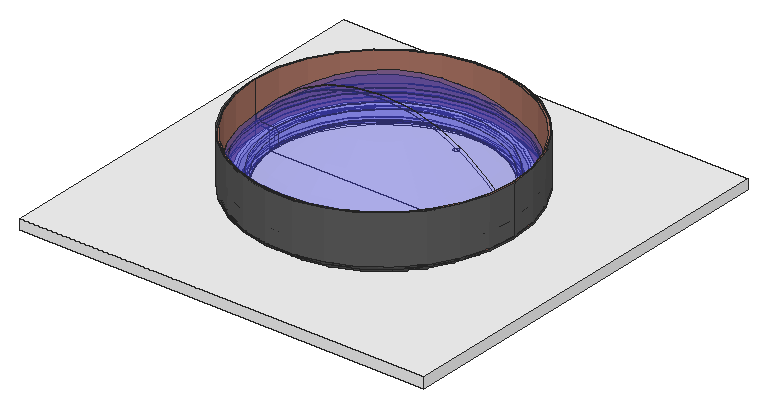
Revit family "BE_51049.6_de_DE", category Leuchten, Revit 2020
Family settings
  Basisbauteil = Fläche
  Bemaßung runder Anschluss = Durchmesser verwenden
  Teiletyp = Normal
  Beim Laden mit Abzugskörper schneiden = Ja
  Lichtquelle = Ja
  Gemeinsam genutzt = Nein
  Raumberechnungspunkt = Ja
Parameters (values of type "BEGA_51049.6_K3")
  built-in parameter 1150104 = 13.816 (stored number, unit not read)
  Wattage = 11.6 W
  Default Elevation = 0 mm
  built-in parameter 1150113 = 1 (stored number, unit not read)
  built-in parameter 1114218 = 1 (stored number, unit not read)
  Umgebungstemperatur = "25 °C"
  URL = "https://www.bega.com/de/produkt/51049.6"
  Typenkommentare = "© 2022 BEGA. Wir behalten uns das Recht vor, technische Änderungen ohne vorherige Ankündigung vorzunehmen."  # constant formula
  built-in parameter 1150134 = (empty or 0)
  built-in parameter 1150109 = 1 (stored number, unit not read)
  Strom = ""
  built-in parameter 1150110 = 1 (stored number, unit not read)
  Spannung = 239.996 V
  Sonderanfertigung = no
  Seriennummer [instance] = "Hier können Sie die eindeutige Seriennummer für das Facility Management eintragen."
  Schutzklasse = "I"
  Schutzart = "IP 20"
  Scheinlast = 0 VA
  Produktdatenblatt = "https://cdn.bega.com/bega/products/51049.6K3/current/documents/data-sheets/de"
  Oberflächentemperatur = ""
  Neigungswinkel = 0.00°
  Modell = "51049.6K3"
  Material_35 = BEGA_Oberfläche_Samtschwarz_matt
  Material_34 = BEGA_Oberfläche_Samtweiss_matt
  Material_29 = BEGA_Oberfläche_Kupfer_matt
  Material_14 = BEGA_Kunststoff_opal
  M_W = no
  M_G = no
  M_A = no
  Logo = 0
  built-in parameter 1114217 = 1 (stored number, unit not read)
  built-in parameter 1150139 = (empty or 0)
  built-in parameter 1150105 = 137.27 (stored number, unit not read)
  built-in parameter 1150114 = 1 (stored number, unit not read)
  Lumens = 1725.04 lm
  built-in parameter 1150115 = 1 (stored number, unit not read)
  Leuchtenlichtstrom = "1166 lm"
  Leuchtenanzahl = ""
  Lebensdauerkriterien = "L70B50 @ 25 °C = 131000 h"
  Lastklassifizierung = Beleuchtung
  built-in parameter 1150112 = 1 (stored number, unit not read)
  Lampenlichtstrom = "1725 lm"
  Lampe = "LED 11.6 W"
  LED_Modulbezeichnung = "LED-0509/930"
  Hersteller = "BEGA"  # constant formula
  Halbstreuwinkel = ""
  Gewicht = "1.5 kg"
  Gebrauchslageneinschränkung [instance] = ""
  Frequenz = "50-60 Hz"
  Farbwiedergabeindex = "CRI > 90"
  Farbtemperaturverschiebung bei Dämpfen der Lampe = <Keine Auswahl>
  Farbtemperatur = "3000 K"
  Color Filter = 16777215
  built-in parameter 1150133 = 10 (stored number, unit not read)
  Energieeffizienzklasse = "LED A++ - A"
  built-in parameter 1150137 = (empty or 0)
  built-in parameter 1150132 = (empty or 0)
  ENEC = ""
  Dimmbar [instance] = "on/off"
  Datei für fotometrisches Netz = "BE_51049-6K3.ies"
  CE_Konformität = "ja"
  Bestellnummer = "51049.6K3"
  Beschreibung_Sonderanfertigung = "Hier können Sie Informationen zur Sonderanfertigung eintragen."
  Beschreibung = "Deckenleuchte"
  built-in parameter 1150106 = 1.3727 (stored number, unit not read)
  Befestigungsbohrung = "Ø 5,5 mm"
  Befestigungsabstand = "180 mm"
  Ballwurfsicher = ""
  BEGA_Intern_aus = yes
  BEGA_Intern_an = yes
  BEGA_Intern_Konstruktion = yes
  BEGA_Intern = yes
  BEGA_IES = yes
  BEGA_Dummy = no
  Anschlussleitung = ""
  Anschlussleistung [instance] = "15.5 W"
  Anschlusskasten = ""
  built-in parameter 1150107 = 3000 (stored number, unit not read)
  built-in parameter 1150102 = (empty or 0)
  built-in parameter 1150138 = (empty or 0)
  Aktualisierung = "2022-12-16T04:00:04"
  Abstand_zur_angestrahlten_Fläche [instance] = ""
  AC/DC = "AC"
Reference planes
  plane 1 "Mitte (Vorne/Hinten)": y = 0
  plane 2: z = 0
  plane 3 "Mitte (Links/Rechts)": x = 0
  plane 4 "Links": x = -129.868
  plane 5 "Rechts": x = 129.868
  plane 6 "Unten": y = -129.869
  plane 7 "Oben": y = 129.869
  plane 8 "Vorne": z = 91
  plane 9 "Hinten": z = 0
Forms (mm)
  Extrusion 1, solid, material "BEGA_Platte_Weiss"
    sketch origin (0, -1119.2, 0) x (1, 0, 0) y (0, 1, 0)
      loop
        line (-200, 1319.2) -> (-200, 919.2) -> (200, 919.2) -> (200, 1319.2) -> (-200, 1319.2)
    from 0 to -10
  Extrusion 2, solid, material "BEGA_Dummy_matt", visible <- "BEGA_Dummy"
    sketch origin (77.149, -76.023, 0) x (1, 0, 0) y (0, 1, 0)
      loop
        circle (-77.149, 76.023) r 130
    from 0 to 91
Dimensions and locks
  plane 1 "Mitte (Vorne/Hinten)" to Extrusion 1 = 200 mm
  aligned and locked: Extrusion 1 to plane 2
  aligned and locked: Extrusion 1 to level
Nested families
  nested 1: "BE_51049.6_Leuchte" at (0, 0, 0), type "BE_51049.6_Leuchte"
Connectors
  electrical at (0, 0, 0), driven by "Lastklassifizierung", driven by "Spannung", driven by "Scheinlast"
    settings: index 1, voltage 239.996 V, apparent load 0 VA, apparent load phase1 0 VA, apparent load phase2 0 VA, apparent load phase3 0 VA, power factor 1, load classification "Beleuchtung", number of poles 1, system type 31, power factor state 1, is connector primary yes, connector utility no, sub classification motor no, connector description ""
Definition of nested family "BE_51049.6_Leuchte"
  Parameters (values of type "BE_51049.6_Leuchte")
    Default Elevation = 1 mm
    URL = "http://www.bega.de/de/produkt"
    Type Comments = "© 2015 BEGA. Wir behalten uns das Recht vor, technische Änderungen ohne vorherige Ankündigung vorzunehmen. "  # constant formula
    Type Image = (empty or 0)
    Material_35 = none
    Material_34 = none
    Material_29 = none
    Material_14 = none
    Länge_Platte = 300 mm  # constant formula
    Höhe_Platte = -10 mm  # constant formula
    Manufacturer = "BEGA"  # constant formula
    Breite_Platte = 300 mm  # constant formula
  Reference planes
    plane 1 "Mitte (Oben/Unten)": y = 0
    plane 2: z = 0
    plane 3 "Mitte (Links/Rechts)": x = 0
    plane 4: x = -129.868
    plane 5: z = 91
    plane 6: x = 129.868
    plane 7: z = 0
    plane 8: y = 129.869
    plane 9: y = -129.869
  Forms (mm)
    Extrusion 1, solid, detail levels medium
      sketch origin (0, 0, 0) x (1, 0, 0) y (0, 1, 0)
        loop
          line (-150, 150) -> (-150, -150) -> (150, -150) -> (150, 150) -> (-150, 150)
      from 0 to -10 <- "Höhe_Platte"
    Revolve 2, solid, material <- "Material_34"
      sketch origin (0, 0, 0) x (1, 0, 0) y (0, 0, 1)
        loop
          line (115.329, 20) -> (117.5, 20) -> (117.5, 21) -> (115.331, 21)
          arc (115.331, 21) -> (114.063, 20.484) -> (113.524, 19.225) r 1.8
          line (113.524, 19.225) -> (113.276, 4.974)
          arc (113.276, 4.974) -> (112.826, 3.929) -> (111.773, 3.5) r 1.5
          line (111.773, 3.5) -> (0, 3.5) -> (0, 2.5) -> (111.773, 2.5)
          arc (111.773, 2.5) -> (113.527, 3.216) -> (114.276, 4.956) r 2.5
          line (114.276, 4.956) -> (114.524, 19.21)
          arc (114.524, 19.21) -> (114.764, 19.771) -> (115.329, 20) r 0.8
        axis (0, 2.5) -> (0, 21)
      angle from 0 to 360
    Blend 3, solid, material <- "Material_34"
      base sketch origin (0, 0, 0) x (1, 0, 0) y (0, 1, 0)
        loop
          circle (0, 90) r 6.067
      top sketch origin (0, 0, 0) x (1, 0, 0) y (0, 1, 0)
        loop
          circle (0, 90) r 9.863
      from 0 to 3.5
    Blend 4, solid, material <- "Material_34"
      base sketch origin (0, 0, 0) x (1, 0, 0) y (0, 1, 0)
        loop
          circle (0, -90) r 6.067
      top sketch origin (0, 0, 0) x (1, 0, 0) y (0, 1, 0)
        loop
          circle (0, -90) r 9.863
      from 0 to 3.5
    Blend 5, solid, material <- "Material_34"
      base sketch origin (0, 0, 0) x (1, 0, 0) y (0, 1, 0)
        loop
          arc (90.944, 30.518) -> (71.704, 42.119) -> (57.155, 25) r 17.345
          line (57.155, 25) -> (57.155, -25)
          arc (57.155, -25) -> (71.704, -42.119) -> (90.944, -30.518) r 17.345
          arc (90.944, -30.518) -> (95.928, 0) -> (90.944, 30.518) r 95.928
      top sketch origin (0, 0, 0) x (1, 0, 0) y (0, 1, 0)
        loop
          arc (95.323, 31.989) -> (70.952, 46.677) -> (52.535, 24.985) r 21.964
          line (52.535, 24.985) -> (52.535, -24.994)
          arc (52.535, -24.994) -> (70.96, -46.672) -> (95.324, -31.981) r 21.965
          arc (95.324, -31.981) -> (100.546, 0.004) -> (95.323, 31.989) r 100.546
      from 0 to 3.5
    Extrusion 6, void
      sketch origin (0, 0, 0) x (1, 0, 0) y (0, 1, 0)
        loop
          circle (0, 90) r 2.75
        loop
          circle (0, -90) r 2.75
        loop
          circle (80, -15) r 5
        loop
          circle (80, 15) r 5
      from 0 to 3.5
    Revolve 7, solid, material <- "Material_35"
      sketch origin (0, 0, 0) x (1, 0, 0) y (0, 0, 1)
        loop
          line (129.7, 11.983) -> (129.868, 59.993) -> (128.868, 59.993) -> (128.7, 11.988)
          arc (128.7, 11.988) -> (128.256, 10.935) -> (127.2, 10.5) r 1.5
          line (127.2, 10.5) -> (115.64, 10.5) -> (115.5, 2.474)
          arc (115.5, 2.474) -> (115.051, 1.43) -> (114, 1) r 1.5
          line (114, 1) -> (110.5, 1) -> (110.5, 0) -> (114, 0)
          arc (114, 0) -> (115.752, 0.717) -> (116.5, 2.456) r 2.5
          line (116.5, 2.456) -> (116.623, 9.5) -> (127.2, 9.5)
          arc (127.2, 9.5) -> (128.962, 10.226) -> (129.7, 11.983) r 2.5
        axis (0, 0) -> (0, 59.993)
      angle from 0 to 360
    Revolve 8, solid, material <- "Material_29"
      sketch origin (0, 0, 0) x (1, 0, 0) y (0, 0, 1)
        loop
          line (127.868, 60) -> (127.7, 11.998)
          arc (127.7, 11.998) -> (127.553, 11.646) -> (127.2, 11.5) r 0.5
          line (127.2, 11.5) -> (114.657, 11.5) -> (114.491, 2) -> (110.5, 2) -> (110.5, 1) -> (114, 1)
          arc (114, 1) -> (115.051, 1.43) -> (115.5, 2.474) r 1.5
          line (115.5, 2.474) -> (115.64, 10.5) -> (127.2, 10.5)
          arc (127.2, 10.5) -> (128.259, 10.937) -> (128.7, 11.995) r 1.5
          line (128.7, 11.995) -> (128.868, 60) -> (127.868, 60)
        axis (0, 1) -> (0, 60)
      angle from 0 to 360
    Revolve 9, solid, material <- "Material_14"
      sketch origin (0, 0, 0) x (1, 0, 0) y (0, 0, 1)
        loop
          line (0, 91) -> (0, 87.2)
          arc (0, 87.2) -> (67.014, 72.201) -> (121.239, 30.064) r 157.2
          arc (121.239, 30.064) -> (122.17, 27.888) -> (121.777, 25.553) r 4.2
          line (121.777, 25.553) -> (107.481, 24.804)
          arc (107.481, 24.804) -> (104.79, 23.555) -> (103.7, 20.796) r 4
          line (103.7, 20.796) -> (103.7, 11.773)
          arc (103.7, 11.773) -> (104.098, 10.28) -> (105.186, 9.182) r 3.003
          line (105.186, 9.182) -> (107.458, 7.87)
          arc (107.458, 7.87) -> (108.492, 6.868) -> (108.941, 5.5) r 3.003
          line (108.941, 5.5) -> (112.75, 5.5) -> (112.75, 9.205) -> (107.5, 12.236) -> (107.5, 20.051)
          arc (107.5, 20.051) -> (107.774, 20.739) -> (108.446, 21.05) r 1
          line (108.446, 21.05) -> (121.856, 21.752)
          arc (121.856, 21.752) -> (123.904, 22.445) -> (125.293, 24.103) r 4
          arc (125.293, 24.103) -> (125.93, 28.446) -> (124.179, 32.472) r 8
          arc (124.179, 32.472) -> (68.64, 75.635) -> (0, 91) r 161
        axis (0, 5.5) -> (0, 91)
      angle from 0 to 360
  Cuts and joins
    Extrusion 6 cuts Revolve 2
    Extrusion 6 cuts Blend 3
    Extrusion 6 cuts Blend 4
    Extrusion 6 cuts Blend 5
    joined: Revolve 2, Blend 3, Blend 4, Blend 5
  Dimensions and locks
    equal spacing: Extrusion 1 sketch curve, plane 3 "Mitte (Links/Rechts)", Extrusion 1 sketch curve
    equal spacing: Extrusion 1 sketch curve, plane 1 "Mitte (Oben/Unten)", Extrusion 1 sketch curve
    "Länge_Platte": Extrusion 1 sketch curve to Extrusion 1 sketch curve
    "Breite_Platte": Extrusion 1 sketch curve to Extrusion 1 sketch curve
    plane 1 "Mitte (Oben/Unten)" to Extrusion 1 = 150 mm  (x3)
    aligned and locked: Extrusion 1 to plane 2
    aligned and locked: Extrusion 1 to level
  Automatic sketch dimensions
    Revolve 2 sketch curve to Revolve 2 sketch curve = 0 mm  (x8)
    Revolve 2 sketch curve to plane 3 "Mitte (Links/Rechts)" = 0 mm  (x2)
    level to Revolve 2 sketch curve = 3.5 mm
    Revolve 2 sketch curve to Revolve 2 sketch curve = 111.773 mm
    Revolve 2 sketch curve to Revolve 2 sketch curve = 0.001 mm
    Revolve 2 sketch curve to Revolve 2 sketch curve = 0.003 mm
    level to Revolve 2 sketch curve = 19.225 mm
    Revolve 2 sketch curve to Revolve 2 sketch curve = 1.749 mm
    level to Revolve 2 sketch curve = 19.21 mm
    Revolve 2 sketch curve to Revolve 2 sketch curve = 1 mm  (x3)
    Revolve 2 sketch curve to Revolve 2 sketch curve = 0.8 mm
    Revolve 2 sketch curve to Revolve 2 sketch curve = 0.004 mm
    Revolve 2 sketch curve to Revolve 2 sketch curve = 0.002 mm
    Revolve 2 sketch curve to Revolve 2 sketch curve = 2.171 mm
    Revolve 2 sketch curve to Revolve 2 sketch curve = 1.5 mm  (x2)
    Revolve 2 sketch curve to Revolve 2 sketch curve = 0.01 mm
    level to Revolve 2 sketch curve = 4.974 mm
    level to Revolve 2 sketch curve = 4.956 mm
    Blend 3 sketch curve to plane 3 "Mitte (Links/Rechts)" = 0 mm
    Blend 3 sketch curve to plane 1 "Mitte (Oben/Unten)" = 90 mm
    Blend 4 sketch curve to plane 3 "Mitte (Links/Rechts)" = 0 mm  (x2)
    Blend 4 sketch curve to plane 1 "Mitte (Oben/Unten)" = 90 mm  (x2)
    plane 1 "Mitte (Oben/Unten)" to Blend 5 sketch curve = 0 mm
    Blend 5 sketch curve to plane 3 "Mitte (Links/Rechts)" = 0 mm
    plane 1 "Mitte (Oben/Unten)" to Blend 5 sketch curve = 25 mm
    plane 3 "Mitte (Links/Rechts)" to Blend 5 sketch curve = 74.5 mm
    Blend 5 sketch curve to plane 1 "Mitte (Oben/Unten)" = 25 mm
    Blend 5 sketch curve to Blend 5 sketch curve = 0 mm  (x7)
    Blend 5 sketch curve to Blend 5 sketch curve = 17.345 mm  (x2)
    Blend 5 sketch curve to plane 1 "Mitte (Oben/Unten)" = 0.003 mm
    plane 3 "Mitte (Links/Rechts)" to Blend 5 sketch curve = 0.001 mm
    Blend 5 sketch curve to plane 1 "Mitte (Oben/Unten)" = 25.001 mm
    Blend 5 sketch curve to Blend 5 sketch curve = 21.964 mm
    Blend 5 sketch curve to Blend 5 sketch curve = 20.824 mm  (x2)
    Blend 5 sketch curve to Blend 5 sketch curve = 0.016 mm
    Blend 5 sketch curve to Blend 5 sketch curve = 49.979 mm
    level to Revolve 7 sketch curve = 11.983 mm
    Revolve 7 sketch curve to Revolve 7 sketch curve = 2.5 mm  (x2)
    level to Revolve 7 sketch curve = 59.993 mm
    Revolve 7 sketch curve to Revolve 7 sketch curve = 0.168 mm
    Revolve 7 sketch curve to Revolve 7 sketch curve = 0 mm  (x11)
    Revolve 7 sketch curve to Revolve 7 sketch curve = 10.577 mm
    level to Revolve 7 sketch curve = 2.456 mm
    Revolve 7 sketch curve to Revolve 7 sketch curve = 0.123 mm
    level to Revolve 7 sketch curve = 9.5 mm
    Revolve 7 sketch curve to level = 0 mm
    level to Revolve 7 sketch curve = 2.5 mm
    level to Revolve 7 sketch curve = 0 mm
    Revolve 7 sketch curve to Revolve 7 sketch curve = 3.5 mm
    plane 3 "Mitte (Links/Rechts)" to Revolve 7 sketch curve = 110.5 mm
    Revolve 7 sketch curve to Revolve 7 sketch curve = 15.7 mm
    Revolve 7 sketch curve to Revolve 7 sketch curve = 1 mm  (x7)
    level to Revolve 7 sketch curve = 1 mm
    level to Revolve 7 sketch curve = 2.474 mm
    Revolve 7 sketch curve to Revolve 7 sketch curve = 0.983 mm
    plane 3 "Mitte (Links/Rechts)" to Revolve 8 sketch curve = 127.7 mm
    Revolve 8 sketch curve to Revolve 8 sketch curve = 0.168 mm
    Revolve 8 sketch curve to Revolve 8 sketch curve = 1 mm  (x5)
    Revolve 8 sketch curve to Revolve 8 sketch curve = 0.5 mm  (x3)
    Revolve 8 sketch curve to Revolve 8 sketch curve = 0.498 mm
    Revolve 8 sketch curve to Revolve 8 sketch curve = 0 mm  (x6)
    Revolve 8 sketch curve to Revolve 8 sketch curve = 12.543 mm
    level to Revolve 8 sketch curve = 1 mm
    Revolve 8 sketch curve to Revolve 8 sketch curve = 4.157 mm
    Revolve 8 sketch curve to Revolve 8 sketch curve = 3.991 mm
    Revolve 8 sketch curve to Revolve 8 sketch curve = 0.491 mm  (x2)
    Revolve 8 sketch curve to Revolve 8 sketch curve = 1.008 mm  (x2)
    level to Revolve 8 sketch curve = 2.474 mm
    level to Revolve 8 sketch curve = 10.5 mm
    Revolve 8 sketch curve to Revolve 8 sketch curve = 0.983 mm
    level to Revolve 8 sketch curve = 11.995 mm
    level to Revolve 8 sketch curve = 60 mm
    Revolve 9 sketch curve to plane 3 "Mitte (Links/Rechts)" = 0 mm  (x2)
    plane 3 "Mitte (Links/Rechts)" to Revolve 9 sketch curve = 0 mm
    level to Revolve 9 sketch curve = 27.391 mm
    plane 3 "Mitte (Links/Rechts)" to Revolve 9 sketch curve = 118 mm
    Revolve 9 sketch curve to level = 70 mm
    Revolve 9 sketch curve to Revolve 9 sketch curve = 0 mm  (x9)
    level to Revolve 9 sketch curve = 87.2 mm
    Revolve 9 sketch curve to Revolve 9 sketch curve = 3.239 mm
    Revolve 9 sketch curve to Revolve 9 sketch curve = 2.94 mm
    Revolve 9 sketch curve to Revolve 9 sketch curve = 4.054 mm
    Revolve 9 sketch curve to Revolve 9 sketch curve = 5.962 mm
    Revolve 9 sketch curve to Revolve 9 sketch curve = 3.647 mm
    level to Revolve 9 sketch curve = 25.553 mm
    Revolve 9 sketch curve to Revolve 9 sketch curve = 0.13 mm
    Revolve 9 sketch curve to Revolve 9 sketch curve = 0.193 mm
    Revolve 9 sketch curve to Revolve 9 sketch curve = 10.519 mm
    Revolve 9 sketch curve to Revolve 9 sketch curve = 0.965 mm
    Revolve 9 sketch curve to Revolve 9 sketch curve = 0.079 mm
    level to Revolve 9 sketch curve = 21.752 mm
    Revolve 9 sketch curve to Revolve 9 sketch curve = 0.746 mm
    Revolve 9 sketch curve to Revolve 9 sketch curve = 0.239 mm
    Revolve 9 sketch curve to Revolve 9 sketch curve = 0.014 mm
    Revolve 9 sketch curve to Revolve 9 sketch curve = 0.054 mm
    Revolve 9 sketch curve to Revolve 9 sketch curve = 0.759 mm
    level to Revolve 9 sketch curve = 11.773 mm
    level to Revolve 9 sketch curve = 20.796 mm
    Revolve 9 sketch curve to Revolve 9 sketch curve = 3.8 mm
    Revolve 9 sketch curve to Revolve 9 sketch curve = 0.463 mm  (x2)
    level to Revolve 9 sketch curve = 9.182 mm
    Revolve 9 sketch curve to Revolve 9 sketch curve = 1.486 mm
    Revolve 9 sketch curve to Revolve 9 sketch curve = 0.797 mm
    Revolve 9 sketch curve to Revolve 9 sketch curve = 2.272 mm
    Revolve 9 sketch curve to Revolve 9 sketch curve = 5.25 mm
    Revolve 9 sketch curve to Revolve 9 sketch curve = 1.511 mm
    Revolve 9 sketch curve to Revolve 9 sketch curve = 2.595 mm
    Revolve 9 sketch curve to Revolve 9 sketch curve = 1.483 mm
    Revolve 9 sketch curve to Revolve 9 sketch curve = 3.705 mm
    level to Revolve 9 sketch curve = 5.5 mm
    radius of Blend 3 sketch curve = 9.863 mm
    radius of Blend 4 sketch curve = 6.067 mm
    radius of Blend 4 sketch curve = 9.863 mm
